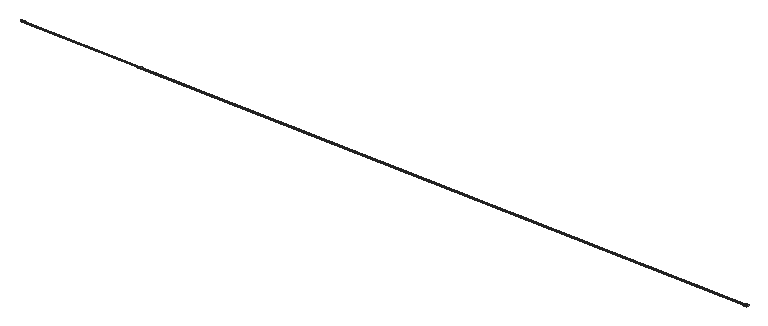
Revit family "Flex Pro IP65_0068179-82", category Lighting Fixtures, host Face, Revit 2017 (continued)
Forms (mm)
  Extrusion 66, solid
    sketch origin (2897.891, 0, 0) x (1, 0, 0) y (0, 1, 0)
      loop
        line (7.4, -1.7) -> (7.4, 1.7) -> (4.6, 1.7) -> (4.6, -1.7) -> (7.4, -1.7)
      loop
        line (15.7, -1.7) -> (15.7, 1.7) -> (12.9, 1.7) -> (12.9, -1.7) -> (15.7, -1.7)
      loop
        line (21.2, 1.7) -> (21.2, -1.7) -> (24, -1.7) -> (24, 1.7) -> (21.2, 1.7)
      loop
        line (32.3, -1.7) -> (32.3, 1.7) -> (29.5, 1.7) -> (29.5, -1.7) -> (32.3, -1.7)
      loop
        line (40.6, -1.7) -> (40.6, 1.7) -> (37.8, 1.7) -> (37.8, -1.7) -> (40.6, -1.7)
      loop
        line (48.9, -1.7) -> (48.9, 1.7) -> (46.1, 1.7) -> (46.1, -1.7) -> (48.9, -1.7)
    from -1.2 to 0
  Extrusion 67, solid
    sketch origin (2947.855, 0, 0) x (1, 0, 0) y (0, 1, 0)
      loop
        line (7.4, -1.7) -> (7.4, 1.7) -> (4.6, 1.7) -> (4.6, -1.7) -> (7.4, -1.7)
      loop
        line (15.7, -1.7) -> (15.7, 1.7) -> (12.9, 1.7) -> (12.9, -1.7) -> (15.7, -1.7)
      loop
        line (21.2, 1.7) -> (21.2, -1.7) -> (24, -1.7) -> (24, 1.7) -> (21.2, 1.7)
      loop
        line (32.3, -1.7) -> (32.3, 1.7) -> (29.5, 1.7) -> (29.5, -1.7) -> (32.3, -1.7)
      loop
        line (40.6, -1.7) -> (40.6, 1.7) -> (37.8, 1.7) -> (37.8, -1.7) -> (40.6, -1.7)
      loop
        line (48.9, -1.7) -> (48.9, 1.7) -> (46.1, 1.7) -> (46.1, -1.7) -> (48.9, -1.7)
    from -1.2 to 0
  Extrusion 68, solid
    sketch origin (2997.818, 0, 0) x (1, 0, 0) y (0, 1, 0)
      loop
        line (7.4, -1.7) -> (7.4, 1.7) -> (4.6, 1.7) -> (4.6, -1.7) -> (7.4, -1.7)
      loop
        line (15.7, -1.7) -> (15.7, 1.7) -> (12.9, 1.7) -> (12.9, -1.7) -> (15.7, -1.7)
      loop
        line (21.2, 1.7) -> (21.2, -1.7) -> (24, -1.7) -> (24, 1.7) -> (21.2, 1.7)
      loop
        line (32.3, -1.7) -> (32.3, 1.7) -> (29.5, 1.7) -> (29.5, -1.7) -> (32.3, -1.7)
      loop
        line (40.6, -1.7) -> (40.6, 1.7) -> (37.8, 1.7) -> (37.8, -1.7) -> (40.6, -1.7)
      loop
        line (48.9, -1.7) -> (48.9, 1.7) -> (46.1, 1.7) -> (46.1, -1.7) -> (48.9, -1.7)
    from -1.2 to 0
  Extrusion 69, solid
    sketch origin (3047.782, 0, 0) x (1, 0, 0) y (0, 1, 0)
      loop
        line (7.4, -1.7) -> (7.4, 1.7) -> (4.6, 1.7) -> (4.6, -1.7) -> (7.4, -1.7)
      loop
        line (15.7, -1.7) -> (15.7, 1.7) -> (12.9, 1.7) -> (12.9, -1.7) -> (15.7, -1.7)
      loop
        line (21.2, 1.7) -> (21.2, -1.7) -> (24, -1.7) -> (24, 1.7) -> (21.2, 1.7)
      loop
        line (32.3, -1.7) -> (32.3, 1.7) -> (29.5, 1.7) -> (29.5, -1.7) -> (32.3, -1.7)
      loop
        line (40.6, -1.7) -> (40.6, 1.7) -> (37.8, 1.7) -> (37.8, -1.7) -> (40.6, -1.7)
      loop
        line (48.9, -1.7) -> (48.9, 1.7) -> (46.1, 1.7) -> (46.1, -1.7) -> (48.9, -1.7)
    from -1.2 to 0
  Extrusion 70, solid
    sketch origin (3097.745, 0, 0) x (1, 0, 0) y (0, 1, 0)
      loop
        line (7.4, -1.7) -> (7.4, 1.7) -> (4.6, 1.7) -> (4.6, -1.7) -> (7.4, -1.7)
      loop
        line (15.7, -1.7) -> (15.7, 1.7) -> (12.9, 1.7) -> (12.9, -1.7) -> (15.7, -1.7)
      loop
        line (21.2, 1.7) -> (21.2, -1.7) -> (24, -1.7) -> (24, 1.7) -> (21.2, 1.7)
      loop
        line (32.3, -1.7) -> (32.3, 1.7) -> (29.5, 1.7) -> (29.5, -1.7) -> (32.3, -1.7)
      loop
        line (40.6, -1.7) -> (40.6, 1.7) -> (37.8, 1.7) -> (37.8, -1.7) -> (40.6, -1.7)
      loop
        line (48.9, -1.7) -> (48.9, 1.7) -> (46.1, 1.7) -> (46.1, -1.7) -> (48.9, -1.7)
    from -1.2 to 0
  Extrusion 71, solid
    sketch origin (3147.709, 0, 0) x (1, 0, 0) y (0, 1, 0)
      loop
        line (7.4, -1.7) -> (7.4, 1.7) -> (4.6, 1.7) -> (4.6, -1.7) -> (7.4, -1.7)
      loop
        line (15.7, -1.7) -> (15.7, 1.7) -> (12.9, 1.7) -> (12.9, -1.7) -> (15.7, -1.7)
      loop
        line (21.2, 1.7) -> (21.2, -1.7) -> (24, -1.7) -> (24, 1.7) -> (21.2, 1.7)
      loop
        line (32.3, -1.7) -> (32.3, 1.7) -> (29.5, 1.7) -> (29.5, -1.7) -> (32.3, -1.7)
      loop
        line (40.6, -1.7) -> (40.6, 1.7) -> (37.8, 1.7) -> (37.8, -1.7) -> (40.6, -1.7)
      loop
        line (48.9, -1.7) -> (48.9, 1.7) -> (46.1, 1.7) -> (46.1, -1.7) -> (48.9, -1.7)
    from -1.2 to 0
  Extrusion 72, solid
    sketch origin (3197.673, 0, 0) x (1, 0, 0) y (0, 1, 0)
      loop
        line (7.4, -1.7) -> (7.4, 1.7) -> (4.6, 1.7) -> (4.6, -1.7) -> (7.4, -1.7)
      loop
        line (15.7, -1.7) -> (15.7, 1.7) -> (12.9, 1.7) -> (12.9, -1.7) -> (15.7, -1.7)
      loop
        line (21.2, 1.7) -> (21.2, -1.7) -> (24, -1.7) -> (24, 1.7) -> (21.2, 1.7)
      loop
        line (32.3, -1.7) -> (32.3, 1.7) -> (29.5, 1.7) -> (29.5, -1.7) -> (32.3, -1.7)
      loop
        line (40.6, -1.7) -> (40.6, 1.7) -> (37.8, 1.7) -> (37.8, -1.7) -> (40.6, -1.7)
      loop
        line (48.9, -1.7) -> (48.9, 1.7) -> (46.1, 1.7) -> (46.1, -1.7) -> (48.9, -1.7)
    from -1.2 to 0
  Extrusion 73, solid
    sketch origin (3247.636, 0, 0) x (1, 0, 0) y (0, 1, 0)
      loop
        line (7.4, -1.7) -> (7.4, 1.7) -> (4.6, 1.7) -> (4.6, -1.7) -> (7.4, -1.7)
      loop
        line (15.7, -1.7) -> (15.7, 1.7) -> (12.9, 1.7) -> (12.9, -1.7) -> (15.7, -1.7)
      loop
        line (21.2, 1.7) -> (21.2, -1.7) -> (24, -1.7) -> (24, 1.7) -> (21.2, 1.7)
      loop
        line (32.3, -1.7) -> (32.3, 1.7) -> (29.5, 1.7) -> (29.5, -1.7) -> (32.3, -1.7)
      loop
        line (40.6, -1.7) -> (40.6, 1.7) -> (37.8, 1.7) -> (37.8, -1.7) -> (40.6, -1.7)
      loop
        line (48.9, -1.7) -> (48.9, 1.7) -> (46.1, 1.7) -> (46.1, -1.7) -> (48.9, -1.7)
    from -1.2 to 0
  Extrusion 74, solid
    sketch origin (3297.6, 0, 0) x (1, 0, 0) y (0, 1, 0)
      loop
        line (7.4, -1.7) -> (7.4, 1.7) -> (4.6, 1.7) -> (4.6, -1.7) -> (7.4, -1.7)
      loop
        line (15.7, -1.7) -> (15.7, 1.7) -> (12.9, 1.7) -> (12.9, -1.7) -> (15.7, -1.7)
      loop
        line (21.2, 1.7) -> (21.2, -1.7) -> (24, -1.7) -> (24, 1.7) -> (21.2, 1.7)
      loop
        line (32.3, -1.7) -> (32.3, 1.7) -> (29.5, 1.7) -> (29.5, -1.7) -> (32.3, -1.7)
      loop
        line (40.6, -1.7) -> (40.6, 1.7) -> (37.8, 1.7) -> (37.8, -1.7) -> (40.6, -1.7)
      loop
        line (48.9, -1.7) -> (48.9, 1.7) -> (46.1, 1.7) -> (46.1, -1.7) -> (48.9, -1.7)
    from -1.2 to 0
  Extrusion 75, solid
    sketch origin (3347.564, 0, 0) x (1, 0, 0) y (0, 1, 0)
      loop
        line (7.4, -1.7) -> (7.4, 1.7) -> (4.6, 1.7) -> (4.6, -1.7) -> (7.4, -1.7)
      loop
        line (15.7, -1.7) -> (15.7, 1.7) -> (12.9, 1.7) -> (12.9, -1.7) -> (15.7, -1.7)
      loop
        line (21.2, 1.7) -> (21.2, -1.7) -> (24, -1.7) -> (24, 1.7) -> (21.2, 1.7)
      loop
        line (32.3, -1.7) -> (32.3, 1.7) -> (29.5, 1.7) -> (29.5, -1.7) -> (32.3, -1.7)
      loop
        line (40.6, -1.7) -> (40.6, 1.7) -> (37.8, 1.7) -> (37.8, -1.7) -> (40.6, -1.7)
      loop
        line (48.9, -1.7) -> (48.9, 1.7) -> (46.1, 1.7) -> (46.1, -1.7) -> (48.9, -1.7)
    from -1.2 to 0
  Extrusion 76, solid
    sketch origin (3397.527, 0, 0) x (1, 0, 0) y (0, 1, 0)
      loop
        line (7.4, -1.7) -> (7.4, 1.7) -> (4.6, 1.7) -> (4.6, -1.7) -> (7.4, -1.7)
      loop
        line (15.7, -1.7) -> (15.7, 1.7) -> (12.9, 1.7) -> (12.9, -1.7) -> (15.7, -1.7)
      loop
        line (21.2, 1.7) -> (21.2, -1.7) -> (24, -1.7) -> (24, 1.7) -> (21.2, 1.7)
      loop
        line (32.3, -1.7) -> (32.3, 1.7) -> (29.5, 1.7) -> (29.5, -1.7) -> (32.3, -1.7)
      loop
        line (40.6, -1.7) -> (40.6, 1.7) -> (37.8, 1.7) -> (37.8, -1.7) -> (40.6, -1.7)
      loop
        line (48.9, -1.7) -> (48.9, 1.7) -> (46.1, 1.7) -> (46.1, -1.7) -> (48.9, -1.7)
    from -1.2 to 0
  Extrusion 77, solid
    sketch origin (3447.491, 0, 0) x (1, 0, 0) y (0, 1, 0)
      loop
        line (7.4, -1.7) -> (7.4, 1.7) -> (4.6, 1.7) -> (4.6, -1.7) -> (7.4, -1.7)
      loop
        line (15.7, -1.7) -> (15.7, 1.7) -> (12.9, 1.7) -> (12.9, -1.7) -> (15.7, -1.7)
      loop
        line (21.2, 1.7) -> (21.2, -1.7) -> (24, -1.7) -> (24, 1.7) -> (21.2, 1.7)
      loop
        line (32.3, -1.7) -> (32.3, 1.7) -> (29.5, 1.7) -> (29.5, -1.7) -> (32.3, -1.7)
      loop
        line (40.6, -1.7) -> (40.6, 1.7) -> (37.8, 1.7) -> (37.8, -1.7) -> (40.6, -1.7)
      loop
        line (48.9, -1.7) -> (48.9, 1.7) -> (46.1, 1.7) -> (46.1, -1.7) -> (48.9, -1.7)
    from -1.2 to 0
  Extrusion 78, solid
    sketch origin (3497.455, 0, 0) x (1, 0, 0) y (0, 1, 0)
      loop
        line (7.4, -1.7) -> (7.4, 1.7) -> (4.6, 1.7) -> (4.6, -1.7) -> (7.4, -1.7)
      loop
        line (15.7, -1.7) -> (15.7, 1.7) -> (12.9, 1.7) -> (12.9, -1.7) -> (15.7, -1.7)
      loop
        line (21.2, 1.7) -> (21.2, -1.7) -> (24, -1.7) -> (24, 1.7) -> (21.2, 1.7)
      loop
        line (32.3, -1.7) -> (32.3, 1.7) -> (29.5, 1.7) -> (29.5, -1.7) -> (32.3, -1.7)
      loop
        line (40.6, -1.7) -> (40.6, 1.7) -> (37.8, 1.7) -> (37.8, -1.7) -> (40.6, -1.7)
      loop
        line (48.9, -1.7) -> (48.9, 1.7) -> (46.1, 1.7) -> (46.1, -1.7) -> (48.9, -1.7)
    from -1.2 to 0
  Extrusion 79, solid
    sketch origin (3547.418, 0, 0) x (1, 0, 0) y (0, 1, 0)
      loop
        line (7.4, -1.7) -> (7.4, 1.7) -> (4.6, 1.7) -> (4.6, -1.7) -> (7.4, -1.7)
      loop
        line (15.7, -1.7) -> (15.7, 1.7) -> (12.9, 1.7) -> (12.9, -1.7) -> (15.7, -1.7)
      loop
        line (21.2, 1.7) -> (21.2, -1.7) -> (24, -1.7) -> (24, 1.7) -> (21.2, 1.7)
      loop
        line (32.3, -1.7) -> (32.3, 1.7) -> (29.5, 1.7) -> (29.5, -1.7) -> (32.3, -1.7)
      loop
        line (40.6, -1.7) -> (40.6, 1.7) -> (37.8, 1.7) -> (37.8, -1.7) -> (40.6, -1.7)
      loop
        line (48.9, -1.7) -> (48.9, 1.7) -> (46.1, 1.7) -> (46.1, -1.7) -> (48.9, -1.7)
    from -1.2 to 0
  Extrusion 80, solid
    sketch origin (3597.382, 0, 0) x (1, 0, 0) y (0, 1, 0)
      loop
        line (7.4, -1.7) -> (7.4, 1.7) -> (4.6, 1.7) -> (4.6, -1.7) -> (7.4, -1.7)
      loop
        line (15.7, -1.7) -> (15.7, 1.7) -> (12.9, 1.7) -> (12.9, -1.7) -> (15.7, -1.7)
      loop
        line (21.2, 1.7) -> (21.2, -1.7) -> (24, -1.7) -> (24, 1.7) -> (21.2, 1.7)
      loop
        line (32.3, -1.7) -> (32.3, 1.7) -> (29.5, 1.7) -> (29.5, -1.7) -> (32.3, -1.7)
      loop
        line (40.6, -1.7) -> (40.6, 1.7) -> (37.8, 1.7) -> (37.8, -1.7) -> (40.6, -1.7)
      loop
        line (48.9, -1.7) -> (48.9, 1.7) -> (46.1, 1.7) -> (46.1, -1.7) -> (48.9, -1.7)
    from -1.2 to 0
  Extrusion 81, solid
    sketch origin (3647.345, 0, 0) x (1, 0, 0) y (0, 1, 0)
      loop
        line (7.4, -1.7) -> (7.4, 1.7) -> (4.6, 1.7) -> (4.6, -1.7) -> (7.4, -1.7)
      loop
        line (15.7, -1.7) -> (15.7, 1.7) -> (12.9, 1.7) -> (12.9, -1.7) -> (15.7, -1.7)
      loop
        line (21.2, 1.7) -> (21.2, -1.7) -> (24, -1.7) -> (24, 1.7) -> (21.2, 1.7)
      loop
        line (32.3, -1.7) -> (32.3, 1.7) -> (29.5, 1.7) -> (29.5, -1.7) -> (32.3, -1.7)
      loop
        line (40.6, -1.7) -> (40.6, 1.7) -> (37.8, 1.7) -> (37.8, -1.7) -> (40.6, -1.7)
      loop
        line (48.9, -1.7) -> (48.9, 1.7) -> (46.1, 1.7) -> (46.1, -1.7) -> (48.9, -1.7)
    from -1.2 to 0
  Extrusion 82, solid
    sketch origin (3697.309, 0, 0) x (1, 0, 0) y (0, 1, 0)
      loop
        line (7.4, -1.7) -> (7.4, 1.7) -> (4.6, 1.7) -> (4.6, -1.7) -> (7.4, -1.7)
      loop
        line (15.7, -1.7) -> (15.7, 1.7) -> (12.9, 1.7) -> (12.9, -1.7) -> (15.7, -1.7)
      loop
        line (21.2, 1.7) -> (21.2, -1.7) -> (24, -1.7) -> (24, 1.7) -> (21.2, 1.7)
      loop
        line (32.3, -1.7) -> (32.3, 1.7) -> (29.5, 1.7) -> (29.5, -1.7) -> (32.3, -1.7)
      loop
        line (40.6, -1.7) -> (40.6, 1.7) -> (37.8, 1.7) -> (37.8, -1.7) -> (40.6, -1.7)
      loop
        line (48.9, -1.7) -> (48.9, 1.7) -> (46.1, 1.7) -> (46.1, -1.7) -> (48.9, -1.7)
    from -1.2 to 0
  Extrusion 83, solid
    sketch origin (3747.273, 0, 0) x (1, 0, 0) y (0, 1, 0)
      loop
        line (7.4, -1.7) -> (7.4, 1.7) -> (4.6, 1.7) -> (4.6, -1.7) -> (7.4, -1.7)
      loop
        line (15.7, -1.7) -> (15.7, 1.7) -> (12.9, 1.7) -> (12.9, -1.7) -> (15.7, -1.7)
      loop
        line (21.2, 1.7) -> (21.2, -1.7) -> (24, -1.7) -> (24, 1.7) -> (21.2, 1.7)
      loop
        line (32.3, -1.7) -> (32.3, 1.7) -> (29.5, 1.7) -> (29.5, -1.7) -> (32.3, -1.7)
      loop
        line (40.6, -1.7) -> (40.6, 1.7) -> (37.8, 1.7) -> (37.8, -1.7) -> (40.6, -1.7)
      loop
        line (48.9, -1.7) -> (48.9, 1.7) -> (46.1, 1.7) -> (46.1, -1.7) -> (48.9, -1.7)
    from -1.2 to 0
  Extrusion 84, solid
    sketch origin (3797.236, 0, 0) x (1, 0, 0) y (0, 1, 0)
      loop
        line (7.4, -1.7) -> (7.4, 1.7) -> (4.6, 1.7) -> (4.6, -1.7) -> (7.4, -1.7)
      loop
        line (15.7, -1.7) -> (15.7, 1.7) -> (12.9, 1.7) -> (12.9, -1.7) -> (15.7, -1.7)
      loop
        line (21.2, 1.7) -> (21.2, -1.7) -> (24, -1.7) -> (24, 1.7) -> (21.2, 1.7)
      loop
        line (32.3, -1.7) -> (32.3, 1.7) -> (29.5, 1.7) -> (29.5, -1.7) -> (32.3, -1.7)
      loop
        line (40.6, -1.7) -> (40.6, 1.7) -> (37.8, 1.7) -> (37.8, -1.7) -> (40.6, -1.7)
      loop
        line (48.9, -1.7) -> (48.9, 1.7) -> (46.1, 1.7) -> (46.1, -1.7) -> (48.9, -1.7)
    from -1.2 to 0
  Extrusion 85, solid
    sketch origin (3847.2, 0, 0) x (1, 0, 0) y (0, 1, 0)
      loop
        line (7.4, -1.7) -> (7.4, 1.7) -> (4.6, 1.7) -> (4.6, -1.7) -> (7.4, -1.7)
      loop
        line (15.7, -1.7) -> (15.7, 1.7) -> (12.9, 1.7) -> (12.9, -1.7) -> (15.7, -1.7)
      loop
        line (21.2, 1.7) -> (21.2, -1.7) -> (24, -1.7) -> (24, 1.7) -> (21.2, 1.7)
      loop
        line (32.3, -1.7) -> (32.3, 1.7) -> (29.5, 1.7) -> (29.5, -1.7) -> (32.3, -1.7)
      loop
        line (40.6, -1.7) -> (40.6, 1.7) -> (37.8, 1.7) -> (37.8, -1.7) -> (40.6, -1.7)
      loop
        line (48.9, -1.7) -> (48.9, 1.7) -> (46.1, 1.7) -> (46.1, -1.7) -> (48.9, -1.7)
    from -1.2 to 0
  Extrusion 86, solid
    sketch origin (3897.164, 0, 0) x (1, 0, 0) y (0, 1, 0)
      loop
        line (7.4, -1.7) -> (7.4, 1.7) -> (4.6, 1.7) -> (4.6, -1.7) -> (7.4, -1.7)
      loop
        line (15.7, -1.7) -> (15.7, 1.7) -> (12.9, 1.7) -> (12.9, -1.7) -> (15.7, -1.7)
      loop
        line (21.2, 1.7) -> (21.2, -1.7) -> (24, -1.7) -> (24, 1.7) -> (21.2, 1.7)
      loop
        line (32.3, -1.7) -> (32.3, 1.7) -> (29.5, 1.7) -> (29.5, -1.7) -> (32.3, -1.7)
      loop
        line (40.6, -1.7) -> (40.6, 1.7) -> (37.8, 1.7) -> (37.8, -1.7) -> (40.6, -1.7)
      loop
        line (48.9, -1.7) -> (48.9, 1.7) -> (46.1, 1.7) -> (46.1, -1.7) -> (48.9, -1.7)
    from -1.2 to 0
  Extrusion 87, solid
    sketch origin (3947.127, 0, 0) x (1, 0, 0) y (0, 1, 0)
      loop
        line (7.4, -1.7) -> (7.4, 1.7) -> (4.6, 1.7) -> (4.6, -1.7) -> (7.4, -1.7)
      loop
        line (15.7, -1.7) -> (15.7, 1.7) -> (12.9, 1.7) -> (12.9, -1.7) -> (15.7, -1.7)
      loop
        line (21.2, 1.7) -> (21.2, -1.7) -> (24, -1.7) -> (24, 1.7) -> (21.2, 1.7)
      loop
        line (32.3, -1.7) -> (32.3, 1.7) -> (29.5, 1.7) -> (29.5, -1.7) -> (32.3, -1.7)
      loop
        line (40.6, -1.7) -> (40.6, 1.7) -> (37.8, 1.7) -> (37.8, -1.7) -> (40.6, -1.7)
      loop
        line (48.9, -1.7) -> (48.9, 1.7) -> (46.1, 1.7) -> (46.1, -1.7) -> (48.9, -1.7)
    from -1.2 to 0
  Extrusion 88, solid
    sketch origin (3997.091, 0, 0) x (1, 0, 0) y (0, 1, 0)
      loop
        line (7.4, -1.7) -> (7.4, 1.7) -> (4.6, 1.7) -> (4.6, -1.7) -> (7.4, -1.7)
      loop
        line (15.7, -1.7) -> (15.7, 1.7) -> (12.9, 1.7) -> (12.9, -1.7) -> (15.7, -1.7)
      loop
        line (21.2, 1.7) -> (21.2, -1.7) -> (24, -1.7) -> (24, 1.7) -> (21.2, 1.7)
      loop
        line (32.3, -1.7) -> (32.3, 1.7) -> (29.5, 1.7) -> (29.5, -1.7) -> (32.3, -1.7)
      loop
        line (40.6, -1.7) -> (40.6, 1.7) -> (37.8, 1.7) -> (37.8, -1.7) -> (40.6, -1.7)
      loop
        line (48.9, -1.7) -> (48.9, 1.7) -> (46.1, 1.7) -> (46.1, -1.7) -> (48.9, -1.7)
    from -1.2 to 0
  Extrusion 89, solid
    sketch origin (4047.055, 0, 0) x (1, 0, 0) y (0, 1, 0)
      loop
        line (7.4, -1.7) -> (7.4, 1.7) -> (4.6, 1.7) -> (4.6, -1.7) -> (7.4, -1.7)
      loop
        line (15.7, -1.7) -> (15.7, 1.7) -> (12.9, 1.7) -> (12.9, -1.7) -> (15.7, -1.7)
      loop
        line (21.2, 1.7) -> (21.2, -1.7) -> (24, -1.7) -> (24, 1.7) -> (21.2, 1.7)
      loop
        line (32.3, -1.7) -> (32.3, 1.7) -> (29.5, 1.7) -> (29.5, -1.7) -> (32.3, -1.7)
      loop
        line (40.6, -1.7) -> (40.6, 1.7) -> (37.8, 1.7) -> (37.8, -1.7) -> (40.6, -1.7)
      loop
        line (48.9, -1.7) -> (48.9, 1.7) -> (46.1, 1.7) -> (46.1, -1.7) -> (48.9, -1.7)
    from -1.2 to 0
  Extrusion 90, solid
    sketch origin (4097.018, 0, 0) x (1, 0, 0) y (0, 1, 0)
      loop
        line (7.4, -1.7) -> (7.4, 1.7) -> (4.6, 1.7) -> (4.6, -1.7) -> (7.4, -1.7)
      loop
        line (15.7, -1.7) -> (15.7, 1.7) -> (12.9, 1.7) -> (12.9, -1.7) -> (15.7, -1.7)
      loop
        line (21.2, 1.7) -> (21.2, -1.7) -> (24, -1.7) -> (24, 1.7) -> (21.2, 1.7)
      loop
        line (32.3, -1.7) -> (32.3, 1.7) -> (29.5, 1.7) -> (29.5, -1.7) -> (32.3, -1.7)
      loop
        line (40.6, -1.7) -> (40.6, 1.7) -> (37.8, 1.7) -> (37.8, -1.7) -> (40.6, -1.7)
      loop
        line (48.9, -1.7) -> (48.9, 1.7) -> (46.1, 1.7) -> (46.1, -1.7) -> (48.9, -1.7)
    from -1.2 to 0
  Extrusion 91, solid
    sketch origin (4146.982, 0, 0) x (1, 0, 0) y (0, 1, 0)
      loop
        line (7.4, -1.7) -> (7.4, 1.7) -> (4.6, 1.7) -> (4.6, -1.7) -> (7.4, -1.7)
      loop
        line (15.7, -1.7) -> (15.7, 1.7) -> (12.9, 1.7) -> (12.9, -1.7) -> (15.7, -1.7)
      loop
        line (21.2, 1.7) -> (21.2, -1.7) -> (24, -1.7) -> (24, 1.7) -> (21.2, 1.7)
      loop
        line (32.3, -1.7) -> (32.3, 1.7) -> (29.5, 1.7) -> (29.5, -1.7) -> (32.3, -1.7)
      loop
        line (40.6, -1.7) -> (40.6, 1.7) -> (37.8, 1.7) -> (37.8, -1.7) -> (40.6, -1.7)
      loop
        line (48.9, -1.7) -> (48.9, 1.7) -> (46.1, 1.7) -> (46.1, -1.7) -> (48.9, -1.7)
    from -1.2 to 0
  Extrusion 92, solid
    sketch origin (4196.945, 0, 0) x (1, 0, 0) y (0, 1, 0)
      loop
        line (7.4, -1.7) -> (7.4, 1.7) -> (4.6, 1.7) -> (4.6, -1.7) -> (7.4, -1.7)
      loop
        line (15.7, -1.7) -> (15.7, 1.7) -> (12.9, 1.7) -> (12.9, -1.7) -> (15.7, -1.7)
      loop
        line (21.2, 1.7) -> (21.2, -1.7) -> (24, -1.7) -> (24, 1.7) -> (21.2, 1.7)
      loop
        line (32.3, -1.7) -> (32.3, 1.7) -> (29.5, 1.7) -> (29.5, -1.7) -> (32.3, -1.7)
      loop
        line (40.6, -1.7) -> (40.6, 1.7) -> (37.8, 1.7) -> (37.8, -1.7) -> (40.6, -1.7)
      loop
        line (48.9, -1.7) -> (48.9, 1.7) -> (46.1, 1.7) -> (46.1, -1.7) -> (48.9, -1.7)
    from -1.2 to 0
  Extrusion 93, solid
    sketch origin (4246.909, 0, 0) x (1, 0, 0) y (0, 1, 0)
      loop
        line (7.4, -1.7) -> (7.4, 1.7) -> (4.6, 1.7) -> (4.6, -1.7) -> (7.4, -1.7)
      loop
        line (15.7, -1.7) -> (15.7, 1.7) -> (12.9, 1.7) -> (12.9, -1.7) -> (15.7, -1.7)
      loop
        line (21.2, 1.7) -> (21.2, -1.7) -> (24, -1.7) -> (24, 1.7) -> (21.2, 1.7)
      loop
        line (32.3, -1.7) -> (32.3, 1.7) -> (29.5, 1.7) -> (29.5, -1.7) -> (32.3, -1.7)
      loop
        line (40.6, -1.7) -> (40.6, 1.7) -> (37.8, 1.7) -> (37.8, -1.7) -> (40.6, -1.7)
      loop
        line (48.9, -1.7) -> (48.9, 1.7) -> (46.1, 1.7) -> (46.1, -1.7) -> (48.9, -1.7)
    from -1.2 to 0
  Extrusion 94, solid
    sketch origin (4296.873, 0, 0) x (1, 0, 0) y (0, 1, 0)
      loop
        line (7.4, -1.7) -> (7.4, 1.7) -> (4.6, 1.7) -> (4.6, -1.7) -> (7.4, -1.7)
      loop
        line (15.7, -1.7) -> (15.7, 1.7) -> (12.9, 1.7) -> (12.9, -1.7) -> (15.7, -1.7)
      loop
        line (21.2, 1.7) -> (21.2, -1.7) -> (24, -1.7) -> (24, 1.7) -> (21.2, 1.7)
      loop
        line (32.3, -1.7) -> (32.3, 1.7) -> (29.5, 1.7) -> (29.5, -1.7) -> (32.3, -1.7)
      loop
        line (40.6, -1.7) -> (40.6, 1.7) -> (37.8, 1.7) -> (37.8, -1.7) -> (40.6, -1.7)
      loop
        line (48.9, -1.7) -> (48.9, 1.7) -> (46.1, 1.7) -> (46.1, -1.7) -> (48.9, -1.7)
    from -1.2 to 0
  Extrusion 95, solid
    sketch origin (4346.836, 0, 0) x (1, 0, 0) y (0, 1, 0)
      loop
        line (7.4, -1.7) -> (7.4, 1.7) -> (4.6, 1.7) -> (4.6, -1.7) -> (7.4, -1.7)
      loop
        line (15.7, -1.7) -> (15.7, 1.7) -> (12.9, 1.7) -> (12.9, -1.7) -> (15.7, -1.7)
      loop
        line (21.2, 1.7) -> (21.2, -1.7) -> (24, -1.7) -> (24, 1.7) -> (21.2, 1.7)
      loop
        line (32.3, -1.7) -> (32.3, 1.7) -> (29.5, 1.7) -> (29.5, -1.7) -> (32.3, -1.7)
      loop
        line (40.6, -1.7) -> (40.6, 1.7) -> (37.8, 1.7) -> (37.8, -1.7) -> (40.6, -1.7)
      loop
        line (48.9, -1.7) -> (48.9, 1.7) -> (46.1, 1.7) -> (46.1, -1.7) -> (48.9, -1.7)
    from -1.2 to 0
  Extrusion 96, solid
    sketch origin (4396.8, 0, 0) x (1, 0, 0) y (0, 1, 0)
      loop
        line (7.4, -1.7) -> (7.4, 1.7) -> (4.6, 1.7) -> (4.6, -1.7) -> (7.4, -1.7)
      loop
        line (15.7, -1.7) -> (15.7, 1.7) -> (12.9, 1.7) -> (12.9, -1.7) -> (15.7, -1.7)
      loop
        line (21.2, 1.7) -> (21.2, -1.7) -> (24, -1.7) -> (24, 1.7) -> (21.2, 1.7)
      loop
        line (32.3, -1.7) -> (32.3, 1.7) -> (29.5, 1.7) -> (29.5, -1.7) -> (32.3, -1.7)
      loop
        line (40.6, -1.7) -> (40.6, 1.7) -> (37.8, 1.7) -> (37.8, -1.7) -> (40.6, -1.7)
      loop
        line (48.9, -1.7) -> (48.9, 1.7) -> (46.1, 1.7) -> (46.1, -1.7) -> (48.9, -1.7)
    from -1.2 to 0
  Extrusion 97, solid
    sketch origin (4446.764, 0, 0) x (1, 0, 0) y (0, 1, 0)
      loop
        line (7.4, -1.7) -> (7.4, 1.7) -> (4.6, 1.7) -> (4.6, -1.7) -> (7.4, -1.7)
      loop
        line (15.7, -1.7) -> (15.7, 1.7) -> (12.9, 1.7) -> (12.9, -1.7) -> (15.7, -1.7)
      loop
        line (21.2, 1.7) -> (21.2, -1.7) -> (24, -1.7) -> (24, 1.7) -> (21.2, 1.7)
      loop
        line (32.3, -1.7) -> (32.3, 1.7) -> (29.5, 1.7) -> (29.5, -1.7) -> (32.3, -1.7)
      loop
        line (40.6, -1.7) -> (40.6, 1.7) -> (37.8, 1.7) -> (37.8, -1.7) -> (40.6, -1.7)
      loop
        line (48.9, -1.7) -> (48.9, 1.7) -> (46.1, 1.7) -> (46.1, -1.7) -> (48.9, -1.7)
    from -1.2 to 0
  Extrusion 98, solid
    sketch origin (4496.727, 0, 0) x (1, 0, 0) y (0, 1, 0)
      loop
        line (7.4, -1.7) -> (7.4, 1.7) -> (4.6, 1.7) -> (4.6, -1.7) -> (7.4, -1.7)
      loop
        line (15.7, -1.7) -> (15.7, 1.7) -> (12.9, 1.7) -> (12.9, -1.7) -> (15.7, -1.7)
      loop
        line (21.2, 1.7) -> (21.2, -1.7) -> (24, -1.7) -> (24, 1.7) -> (21.2, 1.7)
      loop
        line (32.3, -1.7) -> (32.3, 1.7) -> (29.5, 1.7) -> (29.5, -1.7) -> (32.3, -1.7)
      loop
        line (40.6, -1.7) -> (40.6, 1.7) -> (37.8, 1.7) -> (37.8, -1.7) -> (40.6, -1.7)
      loop
        line (48.9, -1.7) -> (48.9, 1.7) -> (46.1, 1.7) -> (46.1, -1.7) -> (48.9, -1.7)
    from -1.2 to 0
  Extrusion 99, solid
    sketch origin (4546.691, 0, 0) x (1, 0, 0) y (0, 1, 0)
      loop
        line (7.4, -1.7) -> (7.4, 1.7) -> (4.6, 1.7) -> (4.6, -1.7) -> (7.4, -1.7)
      loop
        line (15.7, -1.7) -> (15.7, 1.7) -> (12.9, 1.7) -> (12.9, -1.7) -> (15.7, -1.7)
      loop
        line (21.2, 1.7) -> (21.2, -1.7) -> (24, -1.7) -> (24, 1.7) -> (21.2, 1.7)
      loop
        line (32.3, -1.7) -> (32.3, 1.7) -> (29.5, 1.7) -> (29.5, -1.7) -> (32.3, -1.7)
      loop
        line (40.6, -1.7) -> (40.6, 1.7) -> (37.8, 1.7) -> (37.8, -1.7) -> (40.6, -1.7)
      loop
        line (48.9, -1.7) -> (48.9, 1.7) -> (46.1, 1.7) -> (46.1, -1.7) -> (48.9, -1.7)
    from -1.2 to 0
  Extrusion 100, solid
    sketch origin (4596.655, 0, 0) x (1, 0, 0) y (0, 1, 0)
      loop
        line (7.4, -1.7) -> (7.4, 1.7) -> (4.6, 1.7) -> (4.6, -1.7) -> (7.4, -1.7)
      loop
        line (15.7, -1.7) -> (15.7, 1.7) -> (12.9, 1.7) -> (12.9, -1.7) -> (15.7, -1.7)
      loop
        line (21.2, 1.7) -> (21.2, -1.7) -> (24, -1.7) -> (24, 1.7) -> (21.2, 1.7)
      loop
        line (32.3, -1.7) -> (32.3, 1.7) -> (29.5, 1.7) -> (29.5, -1.7) -> (32.3, -1.7)
      loop
        line (40.6, -1.7) -> (40.6, 1.7) -> (37.8, 1.7) -> (37.8, -1.7) -> (40.6, -1.7)
      loop
        line (48.9, -1.7) -> (48.9, 1.7) -> (46.1, 1.7) -> (46.1, -1.7) -> (48.9, -1.7)
    from -1.2 to 0
  Extrusion 101, solid
    sketch origin (4646.618, 0, 0) x (1, 0, 0) y (0, 1, 0)
      loop
        line (7.4, -1.7) -> (7.4, 1.7) -> (4.6, 1.7) -> (4.6, -1.7) -> (7.4, -1.7)
      loop
        line (15.7, -1.7) -> (15.7, 1.7) -> (12.9, 1.7) -> (12.9, -1.7) -> (15.7, -1.7)
      loop
        line (21.2, 1.7) -> (21.2, -1.7) -> (24, -1.7) -> (24, 1.7) -> (21.2, 1.7)
      loop
        line (32.3, -1.7) -> (32.3, 1.7) -> (29.5, 1.7) -> (29.5, -1.7) -> (32.3, -1.7)
      loop
        line (40.6, -1.7) -> (40.6, 1.7) -> (37.8, 1.7) -> (37.8, -1.7) -> (40.6, -1.7)
      loop
        line (48.9, -1.7) -> (48.9, 1.7) -> (46.1, 1.7) -> (46.1, -1.7) -> (48.9, -1.7)
    from -1.2 to 0
  Extrusion 102, solid
    sketch origin (4696.582, 0, 0) x (1, 0, 0) y (0, 1, 0)
      loop
        line (7.4, -1.7) -> (7.4, 1.7) -> (4.6, 1.7) -> (4.6, -1.7) -> (7.4, -1.7)
      loop
        line (15.7, -1.7) -> (15.7, 1.7) -> (12.9, 1.7) -> (12.9, -1.7) -> (15.7, -1.7)
      loop
        line (21.2, 1.7) -> (21.2, -1.7) -> (24, -1.7) -> (24, 1.7) -> (21.2, 1.7)
      loop
        line (32.3, -1.7) -> (32.3, 1.7) -> (29.5, 1.7) -> (29.5, -1.7) -> (32.3, -1.7)
      loop
        line (40.6, -1.7) -> (40.6, 1.7) -> (37.8, 1.7) -> (37.8, -1.7) -> (40.6, -1.7)
      loop
        line (48.9, -1.7) -> (48.9, 1.7) -> (46.1, 1.7) -> (46.1, -1.7) -> (48.9, -1.7)
    from -1.2 to 0
  Extrusion 103, solid
    sketch origin (4746.545, 0, 0) x (1, 0, 0) y (0, 1, 0)
      loop
        line (7.4, -1.7) -> (7.4, 1.7) -> (4.6, 1.7) -> (4.6, -1.7) -> (7.4, -1.7)
      loop
        line (15.7, -1.7) -> (15.7, 1.7) -> (12.9, 1.7) -> (12.9, -1.7) -> (15.7, -1.7)
      loop
        line (21.2, 1.7) -> (21.2, -1.7) -> (24, -1.7) -> (24, 1.7) -> (21.2, 1.7)
      loop
        line (32.3, -1.7) -> (32.3, 1.7) -> (29.5, 1.7) -> (29.5, -1.7) -> (32.3, -1.7)
      loop
        line (40.6, -1.7) -> (40.6, 1.7) -> (37.8, 1.7) -> (37.8, -1.7) -> (40.6, -1.7)
      loop
        line (48.9, -1.7) -> (48.9, 1.7) -> (46.1, 1.7) -> (46.1, -1.7) -> (48.9, -1.7)
    from -1.2 to 0
  Extrusion 104, solid
    sketch origin (4796.509, 0, 0) x (1, 0, 0) y (0, 1, 0)
      loop
        line (7.4, -1.7) -> (7.4, 1.7) -> (4.6, 1.7) -> (4.6, -1.7) -> (7.4, -1.7)
      loop
        line (15.7, -1.7) -> (15.7, 1.7) -> (12.9, 1.7) -> (12.9, -1.7) -> (15.7, -1.7)
      loop
        line (21.2, 1.7) -> (21.2, -1.7) -> (24, -1.7) -> (24, 1.7) -> (21.2, 1.7)
      loop
        line (32.3, -1.7) -> (32.3, 1.7) -> (29.5, 1.7) -> (29.5, -1.7) -> (32.3, -1.7)
      loop
        line (40.6, -1.7) -> (40.6, 1.7) -> (37.8, 1.7) -> (37.8, -1.7) -> (40.6, -1.7)
      loop
        line (48.9, -1.7) -> (48.9, 1.7) -> (46.1, 1.7) -> (46.1, -1.7) -> (48.9, -1.7)
    from -1.2 to 0
  Extrusion 105, solid
    sketch origin (4846.473, 0, 0) x (1, 0, 0) y (0, 1, 0)
      loop
        line (7.4, -1.7) -> (7.4, 1.7) -> (4.6, 1.7) -> (4.6, -1.7) -> (7.4, -1.7)
      loop
        line (15.7, -1.7) -> (15.7, 1.7) -> (12.9, 1.7) -> (12.9, -1.7) -> (15.7, -1.7)
      loop
        line (21.2, 1.7) -> (21.2, -1.7) -> (24, -1.7) -> (24, 1.7) -> (21.2, 1.7)
      loop
        line (32.3, -1.7) -> (32.3, 1.7) -> (29.5, 1.7) -> (29.5, -1.7) -> (32.3, -1.7)
      loop
        line (40.6, -1.7) -> (40.6, 1.7) -> (37.8, 1.7) -> (37.8, -1.7) -> (40.6, -1.7)
      loop
        line (48.9, -1.7) -> (48.9, 1.7) -> (46.1, 1.7) -> (46.1, -1.7) -> (48.9, -1.7)
    from -1.2 to 0
  Extrusion 106, solid
    sketch origin (4896.436, 0, 0) x (1, 0, 0) y (0, 1, 0)
      loop
        line (7.4, -1.7) -> (7.4, 1.7) -> (4.6, 1.7) -> (4.6, -1.7) -> (7.4, -1.7)
      loop
        line (15.7, -1.7) -> (15.7, 1.7) -> (12.9, 1.7) -> (12.9, -1.7) -> (15.7, -1.7)
      loop
        line (21.2, 1.7) -> (21.2, -1.7) -> (24, -1.7) -> (24, 1.7) -> (21.2, 1.7)
      loop
        line (32.3, -1.7) -> (32.3, 1.7) -> (29.5, 1.7) -> (29.5, -1.7) -> (32.3, -1.7)
      loop
        line (40.6, -1.7) -> (40.6, 1.7) -> (37.8, 1.7) -> (37.8, -1.7) -> (40.6, -1.7)
      loop
        line (48.9, -1.7) -> (48.9, 1.7) -> (46.1, 1.7) -> (46.1, -1.7) -> (48.9, -1.7)
    from -1.2 to 0
  Extrusion 107, solid
    sketch origin (4946.4, 0, 0) x (1, 0, 0) y (0, 1, 0)
      loop
        line (9.1, 1.5) -> (9.1, -1.5) -> (11.2, -1.5) -> (11.2, 1.5) -> (9.1, 1.5)
      loop
        line (17.4, 1.5) -> (17.4, -1.5) -> (19.5, -1.5) -> (19.5, 1.5) -> (17.4, 1.5)
      loop
        line (34, 1.5) -> (34, -1.5) -> (36.1, -1.5) -> (36.1, 1.5) -> (34, 1.5)
      loop
        line (42.3, 1.5) -> (42.3, -1.5) -> (44.4, -1.5) -> (44.4, 1.5) -> (42.3, 1.5)
    from -1.2 to -0.5
  Extrusion 108, solid
    sketch origin (49.964, 0, 0) x (1, 0, 0) y (0, 1, 0)
      loop
        line (9.1, 1.5) -> (9.1, -1.5) -> (11.2, -1.5) -> (11.2, 1.5) -> (9.1, 1.5)
      loop
        line (17.4, 1.5) -> (17.4, -1.5) -> (19.5, -1.5) -> (19.5, 1.5) -> (17.4, 1.5)
      loop
        line (34, 1.5) -> (34, -1.5) -> (36.1, -1.5) -> (36.1, 1.5) -> (34, 1.5)
      loop
        line (42.3, 1.5) -> (42.3, -1.5) -> (44.4, -1.5) -> (44.4, 1.5) -> (42.3, 1.5)
    from -1.2 to -0.5
  Extrusion 109, solid
    sketch origin (99.927, 0, 0) x (1, 0, 0) y (0, 1, 0)
      loop
        line (9.1, 1.5) -> (9.1, -1.5) -> (11.2, -1.5) -> (11.2, 1.5) -> (9.1, 1.5)
      loop
        line (17.4, 1.5) -> (17.4, -1.5) -> (19.5, -1.5) -> (19.5, 1.5) -> (17.4, 1.5)
      loop
        line (34, 1.5) -> (34, -1.5) -> (36.1, -1.5) -> (36.1, 1.5) -> (34, 1.5)
      loop
        line (42.3, 1.5) -> (42.3, -1.5) -> (44.4, -1.5) -> (44.4, 1.5) -> (42.3, 1.5)
    from -1.2 to -0.5
  Extrusion 110, solid
    sketch origin (149.891, 0, 0) x (1, 0, 0) y (0, 1, 0)
      loop
        line (9.1, 1.5) -> (9.1, -1.5) -> (11.2, -1.5) -> (11.2, 1.5) -> (9.1, 1.5)
      loop
        line (17.4, 1.5) -> (17.4, -1.5) -> (19.5, -1.5) -> (19.5, 1.5) -> (17.4, 1.5)
      loop
        line (34, 1.5) -> (34, -1.5) -> (36.1, -1.5) -> (36.1, 1.5) -> (34, 1.5)
      loop
        line (42.3, 1.5) -> (42.3, -1.5) -> (44.4, -1.5) -> (44.4, 1.5) -> (42.3, 1.5)
    from -1.2 to -0.5
  Extrusion 111, solid
    sketch origin (199.855, 0, 0) x (1, 0, 0) y (0, 1, 0)
      loop
        line (9.1, 1.5) -> (9.1, -1.5) -> (11.2, -1.5) -> (11.2, 1.5) -> (9.1, 1.5)
      loop
        line (17.4, 1.5) -> (17.4, -1.5) -> (19.5, -1.5) -> (19.5, 1.5) -> (17.4, 1.5)
      loop
        line (34, 1.5) -> (34, -1.5) -> (36.1, -1.5) -> (36.1, 1.5) -> (34, 1.5)
      loop
        line (42.3, 1.5) -> (42.3, -1.5) -> (44.4, -1.5) -> (44.4, 1.5) -> (42.3, 1.5)
    from -1.2 to -0.5
  Extrusion 112, solid
    sketch origin (249.818, 0, 0) x (1, 0, 0) y (0, 1, 0)
      loop
        line (9.1, 1.5) -> (9.1, -1.5) -> (11.2, -1.5) -> (11.2, 1.5) -> (9.1, 1.5)
      loop
        line (17.4, 1.5) -> (17.4, -1.5) -> (19.5, -1.5) -> (19.5, 1.5) -> (17.4, 1.5)
      loop
        line (34, 1.5) -> (34, -1.5) -> (36.1, -1.5) -> (36.1, 1.5) -> (34, 1.5)
      loop
        line (42.3, 1.5) -> (42.3, -1.5) -> (44.4, -1.5) -> (44.4, 1.5) -> (42.3, 1.5)
    from -1.2 to -0.5
  Extrusion 113, solid
    sketch origin (299.782, 0, 0) x (1, 0, 0) y (0, 1, 0)
      loop
        line (9.1, 1.5) -> (9.1, -1.5) -> (11.2, -1.5) -> (11.2, 1.5) -> (9.1, 1.5)
      loop
        line (17.4, 1.5) -> (17.4, -1.5) -> (19.5, -1.5) -> (19.5, 1.5) -> (17.4, 1.5)
      loop
        line (34, 1.5) -> (34, -1.5) -> (36.1, -1.5) -> (36.1, 1.5) -> (34, 1.5)
      loop
        line (42.3, 1.5) -> (42.3, -1.5) -> (44.4, -1.5) -> (44.4, 1.5) -> (42.3, 1.5)
    from -1.2 to -0.5
  Extrusion 114, solid
    sketch origin (349.745, 0, 0) x (1, 0, 0) y (0, 1, 0)
      loop
        line (9.1, 1.5) -> (9.1, -1.5) -> (11.2, -1.5) -> (11.2, 1.5) -> (9.1, 1.5)
      loop
        line (17.4, 1.5) -> (17.4, -1.5) -> (19.5, -1.5) -> (19.5, 1.5) -> (17.4, 1.5)
      loop
        line (34, 1.5) -> (34, -1.5) -> (36.1, -1.5) -> (36.1, 1.5) -> (34, 1.5)
      loop
        line (42.3, 1.5) -> (42.3, -1.5) -> (44.4, -1.5) -> (44.4, 1.5) -> (42.3, 1.5)
    from -1.2 to -0.5
  Extrusion 115, solid
    sketch origin (399.709, 0, 0) x (1, 0, 0) y (0, 1, 0)
      loop
        line (9.1, 1.5) -> (9.1, -1.5) -> (11.2, -1.5) -> (11.2, 1.5) -> (9.1, 1.5)
      loop
        line (17.4, 1.5) -> (17.4, -1.5) -> (19.5, -1.5) -> (19.5, 1.5) -> (17.4, 1.5)
      loop
        line (34, 1.5) -> (34, -1.5) -> (36.1, -1.5) -> (36.1, 1.5) -> (34, 1.5)
      loop
        line (42.3, 1.5) -> (42.3, -1.5) -> (44.4, -1.5) -> (44.4, 1.5) -> (42.3, 1.5)
    from -1.2 to -0.5
  Extrusion 116, solid
    sketch origin (449.673, 0, 0) x (1, 0, 0) y (0, 1, 0)
      loop
        line (9.1, 1.5) -> (9.1, -1.5) -> (11.2, -1.5) -> (11.2, 1.5) -> (9.1, 1.5)
      loop
        line (17.4, 1.5) -> (17.4, -1.5) -> (19.5, -1.5) -> (19.5, 1.5) -> (17.4, 1.5)
      loop
        line (34, 1.5) -> (34, -1.5) -> (36.1, -1.5) -> (36.1, 1.5) -> (34, 1.5)
      loop
        line (42.3, 1.5) -> (42.3, -1.5) -> (44.4, -1.5) -> (44.4, 1.5) -> (42.3, 1.5)
    from -1.2 to -0.5
  Extrusion 117, solid
    sketch origin (499.636, 0, 0) x (1, 0, 0) y (0, 1, 0)
      loop
        line (9.1, 1.5) -> (9.1, -1.5) -> (11.2, -1.5) -> (11.2, 1.5) -> (9.1, 1.5)
      loop
        line (17.4, 1.5) -> (17.4, -1.5) -> (19.5, -1.5) -> (19.5, 1.5) -> (17.4, 1.5)
      loop
        line (34, 1.5) -> (34, -1.5) -> (36.1, -1.5) -> (36.1, 1.5) -> (34, 1.5)
      loop
        line (42.3, 1.5) -> (42.3, -1.5) -> (44.4, -1.5) -> (44.4, 1.5) -> (42.3, 1.5)
    from -1.2 to -0.5
  Extrusion 118, solid
    sketch origin (549.6, 0, 0) x (1, 0, 0) y (0, 1, 0)
      loop
        line (9.1, 1.5) -> (9.1, -1.5) -> (11.2, -1.5) -> (11.2, 1.5) -> (9.1, 1.5)
      loop
        line (17.4, 1.5) -> (17.4, -1.5) -> (19.5, -1.5) -> (19.5, 1.5) -> (17.4, 1.5)
      loop
        line (34, 1.5) -> (34, -1.5) -> (36.1, -1.5) -> (36.1, 1.5) -> (34, 1.5)
      loop
        line (42.3, 1.5) -> (42.3, -1.5) -> (44.4, -1.5) -> (44.4, 1.5) -> (42.3, 1.5)
    from -1.2 to -0.5
  Extrusion 119, solid
    sketch origin (599.564, 0, 0) x (1, 0, 0) y (0, 1, 0)
      loop
        line (9.1, 1.5) -> (9.1, -1.5) -> (11.2, -1.5) -> (11.2, 1.5) -> (9.1, 1.5)
      loop
        line (17.4, 1.5) -> (17.4, -1.5) -> (19.5, -1.5) -> (19.5, 1.5) -> (17.4, 1.5)
      loop
        line (34, 1.5) -> (34, -1.5) -> (36.1, -1.5) -> (36.1, 1.5) -> (34, 1.5)
      loop
        line (42.3, 1.5) -> (42.3, -1.5) -> (44.4, -1.5) -> (44.4, 1.5) -> (42.3, 1.5)
    from -1.2 to -0.5
  Extrusion 120, solid
    sketch origin (649.527, 0, 0) x (1, 0, 0) y (0, 1, 0)
      loop
        line (9.1, 1.5) -> (9.1, -1.5) -> (11.2, -1.5) -> (11.2, 1.5) -> (9.1, 1.5)
      loop
        line (17.4, 1.5) -> (17.4, -1.5) -> (19.5, -1.5) -> (19.5, 1.5) -> (17.4, 1.5)
      loop
        line (34, 1.5) -> (34, -1.5) -> (36.1, -1.5) -> (36.1, 1.5) -> (34, 1.5)
      loop
        line (42.3, 1.5) -> (42.3, -1.5) -> (44.4, -1.5) -> (44.4, 1.5) -> (42.3, 1.5)
    from -1.2 to -0.5
  Extrusion 121, solid
    sketch origin (699.491, 0, 0) x (1, 0, 0) y (0, 1, 0)
      loop
        line (9.1, 1.5) -> (9.1, -1.5) -> (11.2, -1.5) -> (11.2, 1.5) -> (9.1, 1.5)
      loop
        line (17.4, 1.5) -> (17.4, -1.5) -> (19.5, -1.5) -> (19.5, 1.5) -> (17.4, 1.5)
      loop
        line (34, 1.5) -> (34, -1.5) -> (36.1, -1.5) -> (36.1, 1.5) -> (34, 1.5)
      loop
        line (42.3, 1.5) -> (42.3, -1.5) -> (44.4, -1.5) -> (44.4, 1.5) -> (42.3, 1.5)
    from -1.2 to -0.5
  Extrusion 122, solid
    sketch origin (749.455, 0, 0) x (1, 0, 0) y (0, 1, 0)
      loop
        line (9.1, 1.5) -> (9.1, -1.5) -> (11.2, -1.5) -> (11.2, 1.5) -> (9.1, 1.5)
      loop
        line (17.4, 1.5) -> (17.4, -1.5) -> (19.5, -1.5) -> (19.5, 1.5) -> (17.4, 1.5)
      loop
        line (34, 1.5) -> (34, -1.5) -> (36.1, -1.5) -> (36.1, 1.5) -> (34, 1.5)
      loop
        line (42.3, 1.5) -> (42.3, -1.5) -> (44.4, -1.5) -> (44.4, 1.5) -> (42.3, 1.5)
    from -1.2 to -0.5
  Extrusion 123, solid
    sketch origin (799.418, 0, 0) x (1, 0, 0) y (0, 1, 0)
      loop
        line (9.1, 1.5) -> (9.1, -1.5) -> (11.2, -1.5) -> (11.2, 1.5) -> (9.1, 1.5)
      loop
        line (17.4, 1.5) -> (17.4, -1.5) -> (19.5, -1.5) -> (19.5, 1.5) -> (17.4, 1.5)
      loop
        line (34, 1.5) -> (34, -1.5) -> (36.1, -1.5) -> (36.1, 1.5) -> (34, 1.5)
      loop
        line (42.3, 1.5) -> (42.3, -1.5) -> (44.4, -1.5) -> (44.4, 1.5) -> (42.3, 1.5)
    from -1.2 to -0.5
  Extrusion 124, solid
    sketch origin (849.382, 0, 0) x (1, 0, 0) y (0, 1, 0)
      loop
        line (9.1, 1.5) -> (9.1, -1.5) -> (11.2, -1.5) -> (11.2, 1.5) -> (9.1, 1.5)
      loop
        line (17.4, 1.5) -> (17.4, -1.5) -> (19.5, -1.5) -> (19.5, 1.5) -> (17.4, 1.5)
      loop
        line (34, 1.5) -> (34, -1.5) -> (36.1, -1.5) -> (36.1, 1.5) -> (34, 1.5)
      loop
        line (42.3, 1.5) -> (42.3, -1.5) -> (44.4, -1.5) -> (44.4, 1.5) -> (42.3, 1.5)
    from -1.2 to -0.5
  Extrusion 125, solid
    sketch origin (899.345, 0, 0) x (1, 0, 0) y (0, 1, 0)
      loop
        line (9.1, 1.5) -> (9.1, -1.5) -> (11.2, -1.5) -> (11.2, 1.5) -> (9.1, 1.5)
      loop
        line (17.4, 1.5) -> (17.4, -1.5) -> (19.5, -1.5) -> (19.5, 1.5) -> (17.4, 1.5)
      loop
        line (34, 1.5) -> (34, -1.5) -> (36.1, -1.5) -> (36.1, 1.5) -> (34, 1.5)
      loop
        line (42.3, 1.5) -> (42.3, -1.5) -> (44.4, -1.5) -> (44.4, 1.5) -> (42.3, 1.5)
    from -1.2 to -0.5
  Extrusion 126, solid
    sketch origin (949.309, 0, 0) x (1, 0, 0) y (0, 1, 0)
      loop
        line (9.1, 1.5) -> (9.1, -1.5) -> (11.2, -1.5) -> (11.2, 1.5) -> (9.1, 1.5)
      loop
        line (17.4, 1.5) -> (17.4, -1.5) -> (19.5, -1.5) -> (19.5, 1.5) -> (17.4, 1.5)
      loop
        line (34, 1.5) -> (34, -1.5) -> (36.1, -1.5) -> (36.1, 1.5) -> (34, 1.5)
      loop
        line (42.3, 1.5) -> (42.3, -1.5) -> (44.4, -1.5) -> (44.4, 1.5) -> (42.3, 1.5)
    from -1.2 to -0.5
  Extrusion 127, solid
    sketch origin (999.273, 0, 0) x (1, 0, 0) y (0, 1, 0)
      loop
        line (9.1, 1.5) -> (9.1, -1.5) -> (11.2, -1.5) -> (11.2, 1.5) -> (9.1, 1.5)
      loop
        line (17.4, 1.5) -> (17.4, -1.5) -> (19.5, -1.5) -> (19.5, 1.5) -> (17.4, 1.5)
      loop
        line (34, 1.5) -> (34, -1.5) -> (36.1, -1.5) -> (36.1, 1.5) -> (34, 1.5)
      loop
        line (42.3, 1.5) -> (42.3, -1.5) -> (44.4, -1.5) -> (44.4, 1.5) -> (42.3, 1.5)
    from -1.2 to -0.5
  Extrusion 128, solid
    sketch origin (1049.236, 0, 0) x (1, 0, 0) y (0, 1, 0)
      loop
        line (9.1, 1.5) -> (9.1, -1.5) -> (11.2, -1.5) -> (11.2, 1.5) -> (9.1, 1.5)
      loop
        line (17.4, 1.5) -> (17.4, -1.5) -> (19.5, -1.5) -> (19.5, 1.5) -> (17.4, 1.5)
      loop
        line (34, 1.5) -> (34, -1.5) -> (36.1, -1.5) -> (36.1, 1.5) -> (34, 1.5)
      loop
        line (42.3, 1.5) -> (42.3, -1.5) -> (44.4, -1.5) -> (44.4, 1.5) -> (42.3, 1.5)
    from -1.2 to -0.5
  Extrusion 129, solid
    sketch origin (1099.2, 0, 0) x (1, 0, 0) y (0, 1, 0)
      loop
        line (9.1, 1.5) -> (9.1, -1.5) -> (11.2, -1.5) -> (11.2, 1.5) -> (9.1, 1.5)
      loop
        line (17.4, 1.5) -> (17.4, -1.5) -> (19.5, -1.5) -> (19.5, 1.5) -> (17.4, 1.5)
      loop
        line (34, 1.5) -> (34, -1.5) -> (36.1, -1.5) -> (36.1, 1.5) -> (34, 1.5)
      loop
        line (42.3, 1.5) -> (42.3, -1.5) -> (44.4, -1.5) -> (44.4, 1.5) -> (42.3, 1.5)
    from -1.2 to -0.5
  Extrusion 130, solid
    sketch origin (1149.164, 0, 0) x (1, 0, 0) y (0, 1, 0)
      loop
        line (9.1, 1.5) -> (9.1, -1.5) -> (11.2, -1.5) -> (11.2, 1.5) -> (9.1, 1.5)
      loop
        line (17.4, 1.5) -> (17.4, -1.5) -> (19.5, -1.5) -> (19.5, 1.5) -> (17.4, 1.5)
      loop
        line (34, 1.5) -> (34, -1.5) -> (36.1, -1.5) -> (36.1, 1.5) -> (34, 1.5)
      loop
        line (42.3, 1.5) -> (42.3, -1.5) -> (44.4, -1.5) -> (44.4, 1.5) -> (42.3, 1.5)
    from -1.2 to -0.5
  Extrusion 131, solid
    sketch origin (1199.127, 0, 0) x (1, 0, 0) y (0, 1, 0)
      loop
        line (9.1, 1.5) -> (9.1, -1.5) -> (11.2, -1.5) -> (11.2, 1.5) -> (9.1, 1.5)
      loop
        line (17.4, 1.5) -> (17.4, -1.5) -> (19.5, -1.5) -> (19.5, 1.5) -> (17.4, 1.5)
      loop
        line (34, 1.5) -> (34, -1.5) -> (36.1, -1.5) -> (36.1, 1.5) -> (34, 1.5)
      loop
        line (42.3, 1.5) -> (42.3, -1.5) -> (44.4, -1.5) -> (44.4, 1.5) -> (42.3, 1.5)
    from -1.2 to -0.5
  Extrusion 132, solid
    sketch origin (1249.091, 0, 0) x (1, 0, 0) y (0, 1, 0)
      loop
        line (9.1, 1.5) -> (9.1, -1.5) -> (11.2, -1.5) -> (11.2, 1.5) -> (9.1, 1.5)
      loop
        line (17.4, 1.5) -> (17.4, -1.5) -> (19.5, -1.5) -> (19.5, 1.5) -> (17.4, 1.5)
      loop
        line (34, 1.5) -> (34, -1.5) -> (36.1, -1.5) -> (36.1, 1.5) -> (34, 1.5)
      loop
        line (42.3, 1.5) -> (42.3, -1.5) -> (44.4, -1.5) -> (44.4, 1.5) -> (42.3, 1.5)
    from -1.2 to -0.5
  Extrusion 133, solid
    sketch origin (1299.055, 0, 0) x (1, 0, 0) y (0, 1, 0)
      loop
        line (9.1, 1.5) -> (9.1, -1.5) -> (11.2, -1.5) -> (11.2, 1.5) -> (9.1, 1.5)
      loop
        line (17.4, 1.5) -> (17.4, -1.5) -> (19.5, -1.5) -> (19.5, 1.5) -> (17.4, 1.5)
      loop
        line (34, 1.5) -> (34, -1.5) -> (36.1, -1.5) -> (36.1, 1.5) -> (34, 1.5)
      loop
        line (42.3, 1.5) -> (42.3, -1.5) -> (44.4, -1.5) -> (44.4, 1.5) -> (42.3, 1.5)
    from -1.2 to -0.5
  Extrusion 134, solid
    sketch origin (1349.018, 0, 0) x (1, 0, 0) y (0, 1, 0)
      loop
        line (9.1, 1.5) -> (9.1, -1.5) -> (11.2, -1.5) -> (11.2, 1.5) -> (9.1, 1.5)
      loop
        line (17.4, 1.5) -> (17.4, -1.5) -> (19.5, -1.5) -> (19.5, 1.5) -> (17.4, 1.5)
      loop
        line (34, 1.5) -> (34, -1.5) -> (36.1, -1.5) -> (36.1, 1.5) -> (34, 1.5)
      loop
        line (42.3, 1.5) -> (42.3, -1.5) -> (44.4, -1.5) -> (44.4, 1.5) -> (42.3, 1.5)
    from -1.2 to -0.5
  Extrusion 135, solid
    sketch origin (1398.982, 0, 0) x (1, 0, 0) y (0, 1, 0)
      loop
        line (9.1, 1.5) -> (9.1, -1.5) -> (11.2, -1.5) -> (11.2, 1.5) -> (9.1, 1.5)
      loop
        line (17.4, 1.5) -> (17.4, -1.5) -> (19.5, -1.5) -> (19.5, 1.5) -> (17.4, 1.5)
      loop
        line (34, 1.5) -> (34, -1.5) -> (36.1, -1.5) -> (36.1, 1.5) -> (34, 1.5)
      loop
        line (42.3, 1.5) -> (42.3, -1.5) -> (44.4, -1.5) -> (44.4, 1.5) -> (42.3, 1.5)
    from -1.2 to -0.5
  Extrusion 136, solid
    sketch origin (1448.945, 0, 0) x (1, 0, 0) y (0, 1, 0)
      loop
        line (9.1, 1.5) -> (9.1, -1.5) -> (11.2, -1.5) -> (11.2, 1.5) -> (9.1, 1.5)
      loop
        line (17.4, 1.5) -> (17.4, -1.5) -> (19.5, -1.5) -> (19.5, 1.5) -> (17.4, 1.5)
      loop
        line (34, 1.5) -> (34, -1.5) -> (36.1, -1.5) -> (36.1, 1.5) -> (34, 1.5)
      loop
        line (42.3, 1.5) -> (42.3, -1.5) -> (44.4, -1.5) -> (44.4, 1.5) -> (42.3, 1.5)
    from -1.2 to -0.5
  Extrusion 137, solid
    sketch origin (1498.909, 0, 0) x (1, 0, 0) y (0, 1, 0)
      loop
        line (9.1, 1.5) -> (9.1, -1.5) -> (11.2, -1.5) -> (11.2, 1.5) -> (9.1, 1.5)
      loop
        line (17.4, 1.5) -> (17.4, -1.5) -> (19.5, -1.5) -> (19.5, 1.5) -> (17.4, 1.5)
      loop
        line (34, 1.5) -> (34, -1.5) -> (36.1, -1.5) -> (36.1, 1.5) -> (34, 1.5)
      loop
        line (42.3, 1.5) -> (42.3, -1.5) -> (44.4, -1.5) -> (44.4, 1.5) -> (42.3, 1.5)
    from -1.2 to -0.5
  Extrusion 138, solid
    sketch origin (1548.873, 0, 0) x (1, 0, 0) y (0, 1, 0)
      loop
        line (9.1, 1.5) -> (9.1, -1.5) -> (11.2, -1.5) -> (11.2, 1.5) -> (9.1, 1.5)
      loop
        line (17.4, 1.5) -> (17.4, -1.5) -> (19.5, -1.5) -> (19.5, 1.5) -> (17.4, 1.5)
      loop
        line (34, 1.5) -> (34, -1.5) -> (36.1, -1.5) -> (36.1, 1.5) -> (34, 1.5)
      loop
        line (42.3, 1.5) -> (42.3, -1.5) -> (44.4, -1.5) -> (44.4, 1.5) -> (42.3, 1.5)
    from -1.2 to -0.5
  Extrusion 139, solid
    sketch origin (1598.836, 0, 0) x (1, 0, 0) y (0, 1, 0)
      loop
        line (9.1, 1.5) -> (9.1, -1.5) -> (11.2, -1.5) -> (11.2, 1.5) -> (9.1, 1.5)
      loop
        line (17.4, 1.5) -> (17.4, -1.5) -> (19.5, -1.5) -> (19.5, 1.5) -> (17.4, 1.5)
      loop
        line (34, 1.5) -> (34, -1.5) -> (36.1, -1.5) -> (36.1, 1.5) -> (34, 1.5)
      loop
        line (42.3, 1.5) -> (42.3, -1.5) -> (44.4, -1.5) -> (44.4, 1.5) -> (42.3, 1.5)
    from -1.2 to -0.5
  Extrusion 140, solid
    sketch origin (1648.8, 0, 0) x (1, 0, 0) y (0, 1, 0)
      loop
        line (9.1, 1.5) -> (9.1, -1.5) -> (11.2, -1.5) -> (11.2, 1.5) -> (9.1, 1.5)
      loop
        line (17.4, 1.5) -> (17.4, -1.5) -> (19.5, -1.5) -> (19.5, 1.5) -> (17.4, 1.5)
      loop
        line (34, 1.5) -> (34, -1.5) -> (36.1, -1.5) -> (36.1, 1.5) -> (34, 1.5)
      loop
        line (42.3, 1.5) -> (42.3, -1.5) -> (44.4, -1.5) -> (44.4, 1.5) -> (42.3, 1.5)
    from -1.2 to -0.5
  Extrusion 141, solid
    sketch origin (1698.764, 0, 0) x (1, 0, 0) y (0, 1, 0)
      loop
        line (9.1, 1.5) -> (9.1, -1.5) -> (11.2, -1.5) -> (11.2, 1.5) -> (9.1, 1.5)
      loop
        line (17.4, 1.5) -> (17.4, -1.5) -> (19.5, -1.5) -> (19.5, 1.5) -> (17.4, 1.5)
      loop
        line (34, 1.5) -> (34, -1.5) -> (36.1, -1.5) -> (36.1, 1.5) -> (34, 1.5)
      loop
        line (42.3, 1.5) -> (42.3, -1.5) -> (44.4, -1.5) -> (44.4, 1.5) -> (42.3, 1.5)
    from -1.2 to -0.5
  Extrusion 142, solid
    sketch origin (1748.727, 0, 0) x (1, 0, 0) y (0, 1, 0)
      loop
        line (9.1, 1.5) -> (9.1, -1.5) -> (11.2, -1.5) -> (11.2, 1.5) -> (9.1, 1.5)
      loop
        line (17.4, 1.5) -> (17.4, -1.5) -> (19.5, -1.5) -> (19.5, 1.5) -> (17.4, 1.5)
      loop
        line (34, 1.5) -> (34, -1.5) -> (36.1, -1.5) -> (36.1, 1.5) -> (34, 1.5)
      loop
        line (42.3, 1.5) -> (42.3, -1.5) -> (44.4, -1.5) -> (44.4, 1.5) -> (42.3, 1.5)
    from -1.2 to -0.5
  Extrusion 143, solid
    sketch origin (1798.691, 0, 0) x (1, 0, 0) y (0, 1, 0)
      loop
        line (9.1, 1.5) -> (9.1, -1.5) -> (11.2, -1.5) -> (11.2, 1.5) -> (9.1, 1.5)
      loop
        line (17.4, 1.5) -> (17.4, -1.5) -> (19.5, -1.5) -> (19.5, 1.5) -> (17.4, 1.5)
      loop
        line (34, 1.5) -> (34, -1.5) -> (36.1, -1.5) -> (36.1, 1.5) -> (34, 1.5)
      loop
        line (42.3, 1.5) -> (42.3, -1.5) -> (44.4, -1.5) -> (44.4, 1.5) -> (42.3, 1.5)
    from -1.2 to -0.5
  Extrusion 144, solid
    sketch origin (1848.655, 0, 0) x (1, 0, 0) y (0, 1, 0)
      loop
        line (9.1, 1.5) -> (9.1, -1.5) -> (11.2, -1.5) -> (11.2, 1.5) -> (9.1, 1.5)
      loop
        line (17.4, 1.5) -> (17.4, -1.5) -> (19.5, -1.5) -> (19.5, 1.5) -> (17.4, 1.5)
      loop
        line (34, 1.5) -> (34, -1.5) -> (36.1, -1.5) -> (36.1, 1.5) -> (34, 1.5)
      loop
        line (42.3, 1.5) -> (42.3, -1.5) -> (44.4, -1.5) -> (44.4, 1.5) -> (42.3, 1.5)
    from -1.2 to -0.5
  Extrusion 145, solid
    sketch origin (1898.618, 0, 0) x (1, 0, 0) y (0, 1, 0)
      loop
        line (9.1, 1.5) -> (9.1, -1.5) -> (11.2, -1.5) -> (11.2, 1.5) -> (9.1, 1.5)
